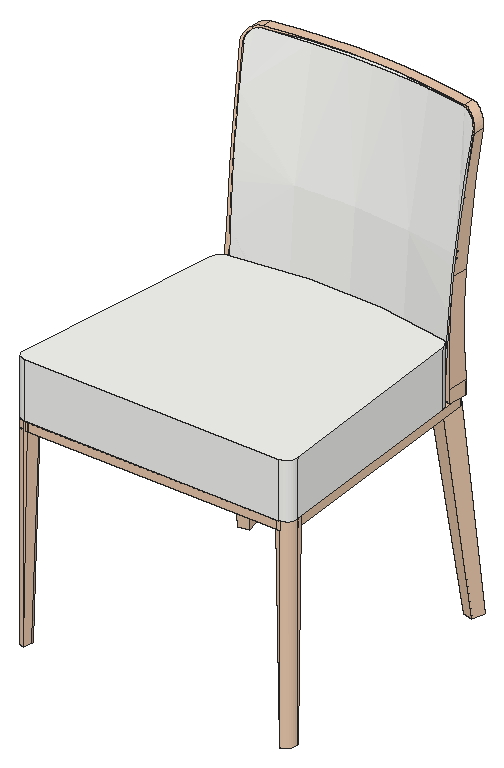
Revit family "FU_Chair_Sandler_Princess 128-02", category Furniture, Revit 2020
Family settings
  OmniClass Number = 23.40.20.00
  OmniClass Title = General Furniture and Specialties
  Work Plane-Based = No
  Always vertical = Yes
  Cut with Voids When Loaded = No
  Shared = No
  Room Calculation Point = No
Parameters (values of type "Princess 128.02")
  Width = 500 mm
  URL = "https://www.sandlerseating.com/product/princess-128-02_02/"
  Seat = Leather - White - Sandler 117
  Model = "Princess 128.02"
  Manufacturer = "Sandler"
  Height = 820 mm
  Frame = Wood - Beech - Walnut - V
  Description = "Upholstered side chair on a beech wood frame."
  Depth = 530 mm
  Default Elevation = 0 mm
Reference planes
  plane 1 "Center (Front/Back)": y = 0
  plane 2: z = 0
  plane 3 "Center (Left/Right)": x = 0
  plane 4 "Right": x = -250
  plane 5 "Left": x = 250
  plane 6 "Back": y = 265
  plane 7 "Front": y = -265
  plane 8 "Height": z = 820
  plane 9 "Seat height": z = 470
  plane 10 "Seat Base Top": z = 370
  plane 11 "BLL FRONT": through (208.027, -1524, 0) normal (-0.9986, 0, -0.0531)
  plane 12: x = -213.087
Forms (mm)
  Blend 1, solid, material "Wood - Beech - Walnut - V" <- "Frame"
    base sketch origin (0, 0, 0) x (1, 0, 0) y (0, 1, 0)
      loop
        arc (233.19, -258.477) -> (245.876, -251.423) -> (250, -237.505) r 19.2
        line (250, -237.505) -> (233.583, -239.01)
        arc (233.583, -239.01) -> (232.216, -239.725) -> (231.749, -241.196) r 2.026
        line (231.749, -241.196) -> (233.19, -258.477)
    top sketch origin (0, 0, 0) x (1, 0, 0) y (0, 1, 0)
      loop
        line (226.028, -258.477) -> (233.19, -258.477)
        arc (233.19, -258.477) -> (245.745, -251.585) -> (250.037, -237.922) r 19.2
        line (250.037, -237.922) -> (249.369, -229.35) -> (225.77, -231.513)
        arc (225.77, -231.513) -> (224.421, -232.219) -> (223.96, -233.671) r 2
        line (223.96, -233.671) -> (226.028, -258.477)
    from 0 to 370
  Blend 2, solid, material "Wood - Beech - Walnut - V" <- "Frame"
    base sketch origin (0, 0, 0) x (-1, 0, 0) y (0, -1, 0)
      loop
        line (233.19, 258.477) -> (231.749, 241.196)
        arc (231.749, 241.196) -> (232.216, 239.725) -> (233.583, 239.01) r 2.026
        line (233.583, 239.01) -> (250, 237.505)
        arc (250, 237.505) -> (245.876, 251.423) -> (233.19, 258.477) r 19.2
    top sketch origin (0, 0, 0) x (-1, 0, 0) y (0, -1, 0)
      loop
        line (226.028, 258.477) -> (223.96, 233.671)
        arc (223.96, 233.671) -> (224.421, 232.219) -> (225.77, 231.513) r 2
        line (225.77, 231.513) -> (249.369, 229.35) -> (250.037, 237.922)
        arc (250.037, 237.922) -> (245.745, 251.585) -> (233.19, 258.477) r 19.2
        line (233.19, 258.477) -> (226.028, 258.477)
    from 0 to 370
  Blend 3, solid, material "Wood - Beech - Walnut - V" <- "Frame"
    base sketch origin (0, 0, 0) x (1, 0, 0) y (0, 1, 0)
      loop
        line (201.605, 232.128) -> (195.696, 209.9) -> (213.092, 205.276) -> (219.001, 227.504) -> (201.605, 232.128)
    top sketch origin (0, 0, 0) x (1, 0, 0) y (0, 1, 0)
      loop
        line (201.041, 153.431) -> (209.045, 186.441) -> (177.273, 195.255) -> (169.186, 161.899) -> (201.041, 153.431)
    from 0 to 370
  Blend 4, solid, material "Wood - Beech - Walnut - V" <- "Frame"
    base sketch origin (0, 0, 0) x (-1, 0, 0) y (0, -1, 0)
      loop
        line (201.605, -232.128) -> (219.001, -227.504) -> (213.092, -205.276) -> (195.696, -209.9) -> (201.605, -232.128)
    top sketch origin (0, 0, 0) x (-1, 0, 0) y (0, -1, 0)
      loop
        line (201.041, -153.431) -> (169.186, -161.899) -> (177.273, -195.255) -> (209.045, -186.441) -> (201.041, -153.431)
    from 0 to 370
  Extrusion 5, solid, material "Wood - Beech - Walnut - V" <- "Frame"
    sketch origin (0, 0, 0) x (1, 0, 0) y (0, 1, 0)
      loop
        arc (200.213, 192.648) -> (205.512, 189.921) -> (209.182, 185.226) r 13.901
        arc (209.182, 185.226) -> (236.915, -25.465) -> (250.006, -237.569) r 3069.808
        arc (250.006, -237.569) -> (242.943, -253.672) -> (226.028, -258.477) r 20.626
        arc (226.028, -258.477) -> (0, -265) -> (-226.028, -258.477) r 3919.003
        arc (-226.028, -258.477) -> (-242.943, -253.672) -> (-250.006, -237.569) r 20.626
        arc (-250.006, -237.569) -> (-236.915, -25.465) -> (-209.182, 185.226) r 3069.808
        arc (-209.182, 185.226) -> (-205.513, 189.92) -> (-200.216, 192.647) r 13.901
        arc (-200.216, 192.647) -> (0.002, 218.787) -> (200.228, 192.706) r 780.727
      loop
        line (-159.257, 174.946) -> (-216.063, -226.283) -> (216.063, -226.283) -> (159.25, 174.996)
        arc (159.25, 174.996) -> (-0.006, 191.252) -> (-159.257, 174.946) r 787.013
    from 355 to 370
  Extrusion 6, solid, material "Leather - White - Sandler 117" <- "Seat"
    sketch origin (0, 0, 370) x (-1, 0, 0) y (0, -1, 0)
      loop
        arc (193.158, -161.259) -> (206, -153.942) -> (212.465, -140.65) r 25
        arc (212.465, -140.65) -> (236.307, 47.928) -> (250.001, 237.514) r 3542.599
        arc (250.001, 237.514) -> (245.149, 251.967) -> (231.426, 258.607) r 19.662
        arc (231.426, 258.607) -> (0, 264.69) -> (-231.426, 258.607) r 4405.096
        arc (-231.426, 258.607) -> (-245.149, 251.967) -> (-250.001, 237.514) r 19.662
        arc (-250.001, 237.514) -> (-236.307, 47.928) -> (-212.465, -140.65) r 3542.599
        arc (-212.465, -140.65) -> (-206.919, -152.905) -> (-195.825, -160.512) r 25
        arc (-195.825, -160.512) -> (-1.375, -182.343) -> (193.158, -161.259) r 892.153
    from 0 to 100
  SweptBlend 7, solid, material "Leather - White - Sandler 117" <- "Seat"
    path in 3D
      loop
        arc (0, 266.669, 820) -> (0, 230.476, 596.304) -> (0, 218.787, 370) r 2083.86
    profile "pro_128-02_back top : pro_128-02_back top" origin (0, 266.669, 820) x (0, 0.977019, -0.213153) y (1, 0, 0)
      loop
        line (-31.105, 216) -> (-47.957, 216)
        arc (-47.957, 216) -> (-17, 0) -> (-47.957, -216) r 769.031
        line (-47.957, -216) -> (-31.105, -216)
        arc (-31.105, -216) -> (0, 0) -> (-31.105, 216) r 765.526
    end profile "pro_128-02_back Bot : pro_128-02_back Bot" origin (0, 218.787, 370) x (0, 0.999996, 0.002793) y (1, 0, 0)
      loop
        line (-24.12, 210.5) -> (-60.03, 210.5)
        arc (-60.03, 210.5) -> (-34.442, 0) -> (-60.03, -210.5) r 878.653
        line (-60.03, -210.5) -> (-24.12, -210.5)
        arc (-24.12, -210.5) -> (0, 0) -> (-24.12, 210.5) r 930.602
  Extrusion 8, void
    sketch origin (0, 0, 0) x (1, 0, 0) y (0, 0, 1)
      loop
        arc (-184.012, 816.971) -> (0, 812.719) -> (184.012, 816.971) r 3983.941
        arc (184.012, 816.971) -> (202.858, 809.662) -> (210.138, 790.804) r 25
        arc (210.138, 790.804) -> (201.611, 572.96) -> (196.849, 355) r 12620.541
        line (196.849, 355) -> (250, 355) -> (250, 861.313) -> (-250, 861.313) -> (-250, 355) -> (-196.849, 355)
        arc (-196.849, 355) -> (-201.611, 572.96) -> (-210.138, 790.804) r 12620.541
        arc (-210.138, 790.804) -> (-202.858, 809.662) -> (-184.012, 816.971) r 25
    from -272.157 to -146.001
  SweptBlend 9, solid, material "Wood - Beech - Walnut - V" <- "Frame"
    path in 3D
      loop
        arc (0, 266.669, 820) -> (0, 230.476, 596.304) -> (0, 218.787, 370) r 2083.86
    profile "pro_128-02_back top : pro_128-02_back top" origin (0, 266.669, 820) x (0, 0.977019, -0.213153) y (1, 0, 0)
      loop
        line (-31.105, 216) -> (-47.957, 216)
        arc (-47.957, 216) -> (-17, 0) -> (-47.957, -216) r 769.031
        line (-47.957, -216) -> (-31.105, -216)
        arc (-31.105, -216) -> (0, 0) -> (-31.105, 216) r 765.526
    end profile "pro_128-02_back Bot : pro_128-02_back Bot" origin (0, 218.787, 370) x (0, 0.999996, 0.002793) y (1, 0, 0)
      loop
        line (-24.12, 210.5) -> (-60.03, 210.5)
        arc (-60.03, 210.5) -> (-34.442, 0) -> (-60.03, -210.5) r 878.653
        line (-60.03, -210.5) -> (-24.12, -210.5)
        arc (-24.12, -210.5) -> (0, 0) -> (-24.12, 210.5) r 930.602
  Extrusion 10, void
    sketch origin (0, 0, 0) x (1, 0, 0) y (0, 0, 1)
      loop
        arc (-184.012, 816.971) -> (-202.858, 809.662) -> (-210.138, 790.804) r 25
        arc (-210.138, 790.804) -> (-201.611, 572.96) -> (-196.849, 355) r 12620.541
        line (-196.849, 355) -> (196.849, 355)
        arc (196.849, 355) -> (201.611, 572.96) -> (210.138, 790.804) r 12620.541
        arc (210.138, 790.804) -> (202.858, 809.662) -> (184.012, 816.971) r 25
        arc (184.012, 816.971) -> (0, 812.719) -> (-184.012, 816.971) r 3983.941
      loop
        arc (-214.101, 790.804) -> (-205.27, 812.123) -> (-183.952, 820.953) r 30.149
        arc (-183.952, 820.953) -> (0, 816.704) -> (183.952, 820.953) r 3983.941
        arc (183.952, 820.953) -> (205.27, 812.123) -> (214.101, 790.804) r 30.149
        arc (214.101, 790.804) -> (209.332, 681) -> (205.519, 571.158) r 12620.541
        arc (205.519, 571.158) -> (206.188, 462.911) -> (214.753, 355) r 1482.545
        line (214.753, 355) -> (250, 355) -> (250, 855) -> (-250.014, 855) -> (-250.014, 355) -> (-214.753, 355)
        arc (-214.753, 355) -> (-206.188, 462.911) -> (-205.519, 571.158) r 1482.545
        arc (-205.519, 571.158) -> (-209.332, 681) -> (-214.101, 790.804) r 12620.541
    from -272.157 to -146.001
Cuts and joins
  Extrusion 10 cuts SweptBlend 9
  Extrusion 8 cuts SweptBlend 7
Lines and regions (mm)
  sketch lines
    curve 1: arc (0, 266.669, 820) -> (0, 230.476, 596.304) -> (0, 218.787, 370) r 2083.86
    curve 2: arc (0, 266.669, 820) -> (0, 230.476, 596.304) -> (0, 218.787, 370) r 2083.86
Dimensions and locks
  equal spacing: plane 4 "Right", plane 3 "Center (Left/Right)", plane 5 "Left"
  "Width": plane 4 "Right" to plane 5 "Left"
  equal spacing: plane 6 "Back", plane 1 "Center (Front/Back)", plane 7 "Front"
  "Depth": plane 6 "Back" to plane 7 "Front"
  "Height": plane 8 "Height" to level
  plane 9 "Seat height" to level = 470 mm
  aligned and locked: level to plane 2
  aligned and locked: plane 10 "Seat Base Top" to Blend 1
Automatic sketch dimensions
  Blend 1 sketch curve to plane 5 "Left" = 0 mm
  plane 5 "Left" to Blend 1 sketch curve = 16.232 mm
  Blend 1 sketch curve to Blend 1 sketch curve = 0.185 mm
  plane 7 "Front" to Blend 1 sketch curve = 6.523 mm  (x2)
  plane 5 "Left" to Blend 1 sketch curve = 16.81 mm
  Blend 1 sketch curve to Blend 1 sketch curve = 2.019 mm
  Blend 1 sketch curve to Blend 1 sketch curve = 0.854 mm
  Blend 1 sketch curve to Blend 1 sketch curve = 17.281 mm
  Blend 1 sketch curve to Blend 1 sketch curve = 0.168 mm
  Blend 1 sketch curve to Blend 1 sketch curve = 1.781 mm
  plane 5 "Left" to Blend 1 sketch curve = 26.04 mm
  Blend 1 sketch curve to Blend 1 sketch curve = 1.811 mm
  Blend 1 sketch curve to Blend 1 sketch curve = 0.183 mm
  plane 5 "Left" to Blend 1 sketch curve = 23.972 mm
  Blend 1 sketch curve to Blend 1 sketch curve = 4.943 mm
  Blend 1 sketch curve to Blend 1 sketch curve = 7.162 mm
  plane 5 "Left" to Blend 1 sketch curve = 0.631 mm
  Blend 1 sketch curve to plane 5 "Left" = 0.037 mm
  Blend 1 sketch curve to Blend 1 sketch curve = 19.062 mm
  Blend 1 sketch curve to Blend 1 sketch curve = 5.744 mm
  Blend 1 sketch curve to Blend 1 sketch curve = 0.166 mm
  Blend 1 sketch curve to Blend 1 sketch curve = 8.571 mm
  Blend 2 sketch curve to plane 4 "Right" = 0 mm
  plane 4 "Right" to Blend 2 sketch curve = 16.232 mm
  Blend 2 sketch curve to Blend 2 sketch curve = 0.185 mm
  Blend 2 sketch curve to plane 7 "Front" = 6.523 mm  (x2)
  plane 4 "Right" to Blend 2 sketch curve = 16.81 mm
  Blend 2 sketch curve to Blend 2 sketch curve = 2.019 mm
  Blend 2 sketch curve to Blend 2 sketch curve = 0.854 mm
  Blend 2 sketch curve to Blend 2 sketch curve = 17.281 mm
  Blend 2 sketch curve to Blend 2 sketch curve = 0.168 mm
  Blend 2 sketch curve to Blend 2 sketch curve = 1.781 mm
  plane 4 "Right" to Blend 2 sketch curve = 26.04 mm
  Blend 2 sketch curve to Blend 2 sketch curve = 1.811 mm
  Blend 2 sketch curve to Blend 2 sketch curve = 1.993 mm
  plane 4 "Right" to Blend 2 sketch curve = 23.972 mm
  Blend 2 sketch curve to Blend 2 sketch curve = 4.943 mm
  Blend 2 sketch curve to Blend 2 sketch curve = 7.162 mm
  plane 4 "Right" to Blend 2 sketch curve = 0.631 mm
  Blend 2 sketch curve to plane 4 "Right" = 0.037 mm
  Blend 2 sketch curve to Blend 2 sketch curve = 19.062 mm
  Blend 2 sketch curve to Blend 2 sketch curve = 5.744 mm
  Blend 2 sketch curve to Blend 2 sketch curve = 0.166 mm
  Blend 2 sketch curve to Blend 2 sketch curve = 8.571 mm
  plane 5 "Left" to Blend 3 sketch curve = 54.304 mm
  Blend 3 sketch curve to plane 6 "Back" = 32.872 mm
  Blend 3 sketch curve to Blend 3 sketch curve = 5.909 mm
  Blend 3 sketch curve to Blend 3 sketch curve = 17.396 mm
  Blend 3 sketch curve to Blend 3 sketch curve = 4.624 mm
  plane 5 "Left" to Blend 3 sketch curve = 80.814 mm
  Blend 3 sketch curve to Blend 3 sketch curve = 8.087 mm
  Blend 3 sketch curve to Blend 3 sketch curve = 31.855 mm
  Blend 3 sketch curve to Blend 3 sketch curve = 31.771 mm
  Blend 3 sketch curve to plane 6 "Back" = 111.569 mm
  Blend 3 sketch curve to Blend 3 sketch curve = 8.468 mm
  Blend 3 sketch curve to Blend 3 sketch curve = 33.01 mm
  Blend 3 sketch curve to Blend 3 sketch curve = 8.814 mm
  plane 4 "Right" to Blend 4 sketch curve = 54.304 mm
  plane 6 "Back" to Blend 4 sketch curve = 32.872 mm
  Blend 4 sketch curve to Blend 4 sketch curve = 5.909 mm
  Blend 4 sketch curve to Blend 4 sketch curve = 17.396 mm
  Blend 4 sketch curve to Blend 4 sketch curve = 4.624 mm
  plane 4 "Right" to Blend 4 sketch curve = 80.814 mm
  Blend 4 sketch curve to Blend 4 sketch curve = 8.087 mm
  Blend 4 sketch curve to Blend 4 sketch curve = 31.855 mm
  Blend 4 sketch curve to Blend 4 sketch curve = 31.771 mm
  plane 6 "Back" to Blend 4 sketch curve = 111.569 mm
  Blend 4 sketch curve to Blend 4 sketch curve = 8.468 mm
  Blend 4 sketch curve to Blend 4 sketch curve = 33.01 mm
  Blend 4 sketch curve to Blend 4 sketch curve = 8.814 mm
  Extrusion 5 sketch curve to plane 3 "Center (Left/Right)" = 0 mm
  Extrusion 5 sketch curve to plane 4 "Right" = 90.743 mm
  Extrusion 5 sketch curve to Extrusion 5 sketch curve = 37.393 mm
  Extrusion 5 sketch curve to plane 4 "Right" = 20.612 mm
  Extrusion 5 sketch curve to plane 7 "Front" = 55.508 mm  (x2)
  plane 4 "Right" to Extrusion 5 sketch curve = 2568.682 mm
  plane 3 "Center (Left/Right)" to Extrusion 5 sketch curve = 0.117 mm  (x2)
  plane 5 "Left" to Extrusion 5 sketch curve = 90.75 mm
  Extrusion 5 sketch curve to Extrusion 5 sketch curve = 37.4 mm
  plane 5 "Left" to Extrusion 5 sketch curve = 20.612 mm
  Extrusion 5 sketch curve to plane 5 "Left" = 2568.682 mm
  Extrusion 5 sketch curve to Extrusion 5 sketch curve = 33.822 mm
  plane 7 "Front" to Extrusion 5 sketch curve = 26.874 mm
  Extrusion 5 sketch curve to plane 6 "Back" = 90.054 mm
  Extrusion 5 sketch curve to Extrusion 5 sketch curve = 4.216 mm
  Extrusion 5 sketch curve to Extrusion 5 sketch curve = 4.266 mm
  plane 6 "Back" to Extrusion 5 sketch curve = 3389.003 mm
  Extrusion 5 sketch curve to Extrusion 5 sketch curve = 3.567 mm
  Extrusion 5 sketch curve to Extrusion 5 sketch curve = 0 mm  (x2)
  Extrusion 5 sketch curve to Extrusion 5 sketch curve = 8.965 mm
  Extrusion 5 sketch curve to Extrusion 5 sketch curve = 13.325 mm  (x2)
  plane 7 "Front" to Extrusion 5 sketch curve = 6.523 mm  (x2)
  Extrusion 5 sketch curve to Extrusion 5 sketch curve = 3.36 mm
  Extrusion 5 sketch curve to Extrusion 5 sketch curve = 3.563 mm
  Extrusion 5 sketch curve to Extrusion 5 sketch curve = 0.015 mm
  Extrusion 5 sketch curve to Extrusion 5 sketch curve = 8.954 mm
  Extrusion 5 sketch curve to Extrusion 5 sketch curve = 11.843 mm  (x2)
  Extrusion 5 sketch curve to plane 7 "Front" = 296.939 mm
  Extrusion 6 sketch curve to plane 3 "Center (Left/Right)" = 0 mm
  plane 5 "Left" to Extrusion 6 sketch curve = 62.245 mm
  plane 5 "Left" to Extrusion 6 sketch curve = 19.607 mm
  Extrusion 6 sketch curve to plane 7 "Front" = 132.845 mm  (x2)
  Extrusion 6 sketch curve to plane 5 "Left" = 3038.968 mm
  Extrusion 6 sketch curve to plane 3 "Center (Left/Right)" = 0.34 mm
  Extrusion 6 sketch curve to plane 4 "Right" = 62.245 mm
  Extrusion 6 sketch curve to plane 4 "Right" = 19.607 mm
  plane 4 "Right" to Extrusion 6 sketch curve = 3038.968 mm
  plane 7 "Front" to Extrusion 6 sketch curve = 26.028 mm  (x2)
  Extrusion 6 sketch curve to plane 6 "Back" = 128.15 mm  (x2)
  plane 6 "Back" to Extrusion 6 sketch curve = 3875.406 mm
  Extrusion 6 sketch curve to plane 7 "Front" = 444.807 mm
  Extrusion 6 sketch curve to Extrusion 6 sketch curve = 8.07 mm
  Extrusion 6 sketch curve to Extrusion 6 sketch curve = 24.709 mm
  Extrusion 6 sketch curve to Extrusion 6 sketch curve = 0 mm  (x5)
  plane 7 "Front" to Extrusion 6 sketch curve = 6.393 mm
  plane 4 "Right" to Extrusion 8 sketch curve = 0 mm
  Extrusion 8 sketch curve to plane 3 "Center (Left/Right)" = 0 mm
  plane 5 "Left" to Extrusion 8 sketch curve = 0 mm
  Extrusion 8 sketch curve to plane 10 "Seat Base Top" = 181.701 mm  (x2)
  plane 4 "Right" to Extrusion 8 sketch curve = 12566.289 mm
  Extrusion 8 sketch curve to plane 10 "Seat Base Top" = 15 mm  (x2)
  Extrusion 8 sketch curve to plane 4 "Right" = 53.151 mm
  Extrusion 8 sketch curve to plane 8 "Height" = 28.002 mm  (x2)
  Extrusion 8 sketch curve to plane 4 "Right" = 64.833 mm
  plane 5 "Left" to Extrusion 8 sketch curve = 64.833 mm
  plane 5 "Left" to Extrusion 8 sketch curve = 53.151 mm
  Extrusion 8 sketch curve to plane 5 "Left" = 12566.289 mm
  plane 8 "Height" to Extrusion 8 sketch curve = 41.313 mm
  Extrusion 8 sketch curve to Extrusion 8 sketch curve = 3935.348 mm
  Extrusion 8 sketch curve to Extrusion 8 sketch curve = 0 mm  (x3)
  Extrusion 10 sketch curve to plane 3 "Center (Left/Right)" = 0 mm  (x2)
  plane 5 "Left" to Extrusion 10 sketch curve = 0 mm
  Extrusion 10 sketch curve to plane 12 = 29.135 mm
  Extrusion 10 sketch curve to Extrusion 10 sketch curve = 1.215 mm  (x2)
  Extrusion 10 sketch curve to plane 12 = 16.238 mm
  plane 12 to Extrusion 10 sketch curve = 1.666 mm
  plane 4 "Right" to Extrusion 10 sketch curve = 0.014 mm
  plane 9 "Seat height" to Extrusion 10 sketch curve = 56.184 mm  (x2)
  plane 4 "Right" to Extrusion 10 sketch curve = 1437.382 mm
  Extrusion 10 sketch curve to plane 10 "Seat Base Top" = 181.701 mm  (x2)
  Extrusion 10 sketch curve to Extrusion 10 sketch curve = 11128.908 mm  (x2)
  Extrusion 10 sketch curve to Extrusion 10 sketch curve = 3.963 mm  (x2)
  Extrusion 10 sketch curve to plane 8 "Height" = 29.196 mm  (x2)
  plane 5 "Left" to Extrusion 10 sketch curve = 66.048 mm
  Extrusion 10 sketch curve to plane 10 "Seat Base Top" = 15 mm  (x3)
  Extrusion 10 sketch curve to Extrusion 10 sketch curve = 53.151 mm
  Extrusion 10 sketch curve to plane 5 "Left" = 1437.382 mm
  Extrusion 10 sketch curve to Extrusion 10 sketch curve = 0 mm  (x6)
  Extrusion 10 sketch curve to Extrusion 10 sketch curve = 1.194 mm  (x2)
  plane 8 "Height" to Extrusion 10 sketch curve = 35 mm
  Extrusion 10 sketch curve to Extrusion 10 sketch curve = 3941.661 mm
  Extrusion 10 sketch curve to Extrusion 10 sketch curve = 3.985 mm
  Extrusion 10 sketch curve to plane 8 "Height" = 3.029 mm
